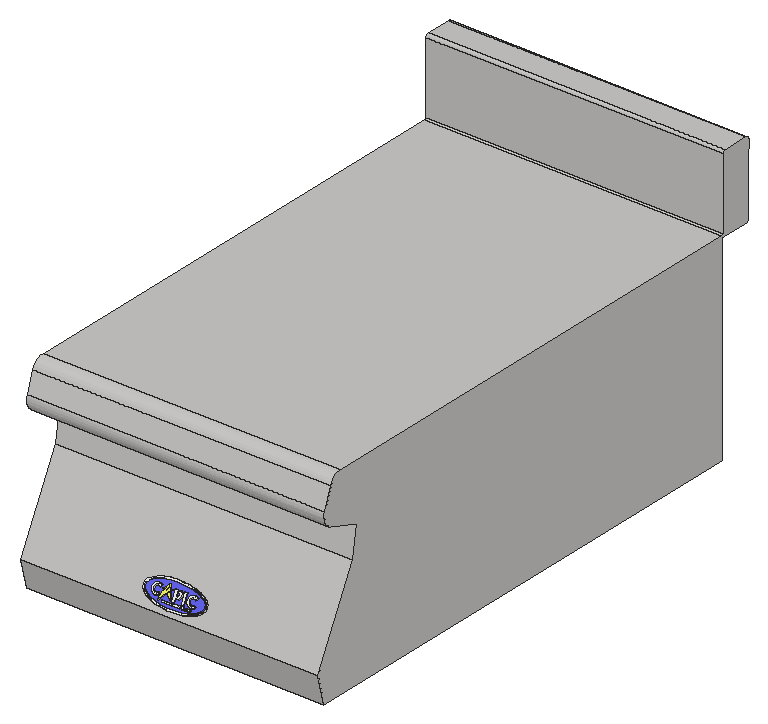
Revit family "QF_CAPIC_AVEN_W540604", category Equipement spécialisé, Revit 2018
Family settings
  Cote de connecteur circulaire = Utiliser le diamètre
  Type d'élément = Normal
  Numéro OmniClass = 23.40.40.14
  Titre OmniClass = Food Service Equipment
  Basée sur le plan de construction = Non
  Toujours verticalement = Oui
  Couper avec des vides une fois chargée = Non
  Partagée = Non
  Point de calcul de pièce = Non
Parameters (values of type "400 x 725 x 270 mm")
  URL catalogue = "http://www.capic-fr.com/fr/"
  Type de Raccord Plomberie [instance] = ""
  Type de Raccord Electrique [instance] = ""
  Type de Gaz = ""
  Type article [instance] = ""
  Tension = 0 V
  Spécification du Fabricant = ""
  Show Logo = yes
  Remarques evacuation [instance] = ""
  Remarques Plomberie [instance] = ""
  Remarques Electricité [instance] = ""
  Puissance électrique  = 0 W
  Puissance Gaz kW = 0
  Profondeur hors tout = 725 mm
  Pression Maximum Eau Adoucie = 0.0 Pa
  Poids net à vide = 15.00 kg
  Phase = 0
  Modèle = "W540604"
  Longueur hors tout = 400 mm
  Intensité nominale = 0 A
  Hauteur hors tout = 390 mm
  Hauteur de Raccordement du Sol Finis = 0 mm
  Hauteur de Raccordement Gaz du Sol Finis = 0 mm
  Hauteur de Raccordement Evacuation Directe du Sol Finis = 0 mm
  Hauteur de Raccordement Eau Froide du Sol Finis = 0 mm
  Hauteur de Raccordement Eau Chaude du Sol Finis = 0 mm
  Hauteur de Raccordement Eau Adoucie du Sol Finis = 0 mm
  Fréquence = 0 Hz
  Fabricant = "CAPIC"
  Débit d'air d'extraction = 0.0 m³/h
  Débit Gaz = 0.0 L/s
  Débit Eau Froide = 0.0 L/s
  Débit Eau Chaude = 0.0 L/s
  Débit Eau Adoucie = 0.0 L/s
  Diamètre de Raccordement Gaz = 0 mm
  Diamètre de Raccordement Evacuation = 0 mm
  Diamètre de Raccordement Eau Froide = 0 mm
  Diamètre de Raccordement Eau Chaude = 0 mm
  Diamètre de Raccordement Eau Adoucie = 0 mm
  Description = "Plan neutre dessus seul"
  Assembly Code = ""
  Classification  Omniclass nombre et titre = "23.40.40.14"
Reference planes
  plane 1 "Centre (avant/arrière)": y = 0
  plane 2: z = 0
  plane 3 "Centre (gauche/droite)": x = 0
  plane 4: x = 400
Forms (mm)
  Extrusion 1, solid, material "QF_Stainless Steel-Brushed"
    sketch origin (0, -45.05, 638) x (0, 1, 0) y (0, 0, 1)
      loop
        line (1.05, 270.397) -> (-641.347, 270.397)
        arc (-641.347, 270.397) -> (-651.671, 267.142) -> (-658.261, 258.553) r 18
        line (-658.261, 258.553) -> (-667.837, 232.245)
        arc (-667.837, 232.245) -> (-667.236, 218.482) -> (-657.078, 209.174) r 18
        line (-657.078, 209.174) -> (-613.251, 193.222) -> (-619.754, 152.161) -> (-680.074, 38.717) -> (-668.972, 0) -> (0, 0) -> (0, 268.397) -> (42.05, 268.397) -> (44.05, 270.397) -> (44.05, 356.397) -> (45.05, 356.397) -> (45.05, 368.397)
        arc (45.05, 368.397) -> (43.878, 371.225) -> (41.05, 372.397) r 4
        line (41.05, 372.397) -> (7.05, 372.397)
        arc (7.05, 372.397) -> (4.222, 371.225) -> (3.05, 368.397) r 4
        line (3.05, 368.397) -> (3.05, 272.397)
        arc (3.05, 272.397) -> (2.464, 270.983) -> (1.05, 270.397) r 2
    from 0 to 400
Dimensions and locks
  "Longueur hors tout": plane 3 "Centre (gauche/droite)" to plane 4
  aligned and locked: level to plane 2
  aligned and locked: plane 4 to Extrusion 1
  aligned and locked: Extrusion 1 to plane 3 "Centre (gauche/droite)"
Automatic sketch dimensions
  level to Extrusion 1 sketch curve = 638 mm
  plane 1 "Centre (avant/arrière)" to Extrusion 1 sketch curve = 45.05 mm
  level to Extrusion 1 sketch curve = 831.222 mm
  plane 1 "Centre (avant/arrière)" to Extrusion 1 sketch curve = 658.301 mm
  level to Extrusion 1 sketch curve = 790.161 mm
  Extrusion 1 sketch curve to Extrusion 1 sketch curve = 6.503 mm
  Extrusion 1 sketch curve to Extrusion 1 sketch curve = 28.096 mm
  Extrusion 1 sketch curve to Extrusion 1 sketch curve = 9.575 mm
  level to Extrusion 1 sketch curve = 847.174 mm
  Extrusion 1 sketch curve to Extrusion 1 sketch curve = 6.156 mm  (x2)
  level to Extrusion 1 sketch curve = 896.553 mm
  Extrusion 1 sketch curve to Extrusion 1 sketch curve = 16.914 mm  (x2)
  level to Extrusion 1 sketch curve = 870.245 mm
  Extrusion 1 sketch curve to Extrusion 1 sketch curve = 49.218 mm
  level to Extrusion 1 sketch curve = 676.717 mm
  Extrusion 1 sketch curve to Extrusion 1 sketch curve = 11.102 mm
  plane 1 "Centre (avant/arrière)" to Extrusion 1 sketch curve = 44 mm
  plane 1 "Centre (avant/arrière)" to Extrusion 1 sketch curve = 42 mm
  Extrusion 1 sketch curve to Extrusion 1 sketch curve = 4 mm  (x2)
  Extrusion 1 sketch curve to Extrusion 1 sketch curve = 34 mm
  Extrusion 1 sketch curve to Extrusion 1 sketch curve = 39 mm
  Extrusion 1 sketch curve to Extrusion 1 sketch curve = 3 mm
  Extrusion 1 sketch curve to Extrusion 1 sketch curve = 1 mm
  Extrusion 1 sketch curve to Extrusion 1 sketch curve = 2 mm
  Extrusion 1 sketch curve to Extrusion 1 sketch curve = 86 mm
  Extrusion 1 sketch curve to Extrusion 1 sketch curve = 12 mm
Nested families
  nested 1: "QF_Details_LogoCapic" at (200, -713.73, 698.145) x (1, 0, 0) z (0, -0.8829, 0.4695), visible <- "Show Logo", type "QF_Details_LogoCapic"
Definition of nested family "QF_Details_LogoCapic"
  Parameters (values of type "QF_Details_LogoCapic")
    Default Elevation = 1219.2 mm
  Reference planes
    plane 1 "Centre (avant/arrière)": y = 0
    plane 2: z = 0
    plane 3 "Centre (gauche/droite)": x = 0
  Forms (mm)
    Extrusion 1, solid
      sketch origin (0, 0, 0) x (1, 0, 0) y (0, 1, 0)
        loop
          line (-1219.2, 1219.2) -> (-1219.2, -1219.2) -> (1219.2, -1219.2) -> (1219.2, 1219.2) -> (-1219.2, 1219.2)
      from 0 to -304.8
    Extrusion 2, solid
      sketch origin (0, 0, 0) x (1, 0, 0) y (0, 1, 0)
        loop
          spline (42.486, 0) -> (41.038, 4.53) -> (36.793, 8.751) -> (30.041, 12.376) -> (21.24, 15.157) -> (10.992, 16.906) -> (-0.005, 17.502) -> (-11.003, 16.906) -> (-21.251, 15.157) -> (-30.051, 12.376) -> (-36.804, 8.751) -> (-41.048, 4.53) -> (-42.496, 0)
          spline (-42.496, 0) -> (-41.048, -4.53) -> (-36.804, -8.751) -> (-30.051, -12.376) -> (-21.251, -15.157) -> (-11.003, -16.906) -> (-0.005, -17.502) -> (10.992, -16.906) -> (21.24, -15.157) -> (30.041, -12.376) -> (36.793, -8.751) -> (41.038, -4.53) -> (42.486, 0)
        loop
          spline (40.459, 0) -> (39.08, 4.005) -> (35.038, 7.737) -> (28.607, 10.942) -> (20.227, 13.401) -> (10.468, 14.947) -> (-0.005, 15.474) -> (-10.478, 14.947) -> (-20.237, 13.401) -> (-28.618, 10.942) -> (-35.048, 7.737) -> (-39.091, 4.005) -> (-40.47, 0)
          spline (-40.47, 0) -> (-39.091, -4.005) -> (-35.048, -7.737) -> (-28.618, -10.942) -> (-20.237, -13.401) -> (-10.478, -14.947) -> (-0.005, -15.474) -> (10.468, -14.947) -> (20.227, -13.401) -> (28.607, -10.942) -> (35.038, -7.737) -> (39.08, -4.005) -> (40.459, 0)
      from 0 to 1
    Extrusion 3, solid
      sketch origin (0, 0, 0) x (1, 0, 0) y (0, 1, 0)
        loop
          spline (-40.47, 0) -> (-39.085, -4.012) -> (-35.047, -7.734) -> (-28.617, -10.941) -> (-20.237, -13.401) -> (-10.478, -14.946) -> (-0.005, -15.474) -> (10.468, -14.947) -> (20.227, -13.401) -> (28.606, -10.942) -> (35.038, -7.737) -> (39.081, -4.004) -> (40.459, 0)
          spline (40.459, 0) -> (39.075, 4.012) -> (35.037, 7.734) -> (28.607, 10.941) -> (20.227, 13.401) -> (10.467, 14.946) -> (-0.005, 15.474) -> (-10.478, 14.947) -> (-20.237, 13.401) -> (-28.617, 10.942) -> (-35.048, 7.737) -> (-39.091, 4.004) -> (-40.47, 0)
      from 0 to 1
    Extrusion 4, solid
      sketch origin (0, 0, 0.5) x (1, 0, 0) y (0, 1, 0)
        loop
          line (-20.944, 3.897) -> (-18.992, 5.849)
          arc (-18.992, 5.849) -> (-30.967, 0.712) -> (-18.902, -4.211) r 7.063
          line (-18.902, -4.211) -> (-20.854, -2.259)
          arc (-20.854, -2.259) -> (-28.207, 0.712) -> (-20.944, 3.897) r 4.303
      from 0 to 1
    Extrusion 5, solid
      sketch origin (0, 0, 0.5) x (1, 0, 0) y (0, 1, 0)
        loop
          line (-1.061, 7.837) -> (-1.061, -6.288) -> (1.738, -6.288) -> (1.738, -2.065) -> (4.782, -2.065)
          spline (4.782, -2.065) -> (5.836, -1.896) -> (6.819, -1.402) -> (7.663, -0.615) -> (8.311, 0.411) -> (8.718, 1.605) -> (8.856, 2.886) -> (8.718, 4.168) -> (8.311, 5.362) -> (7.663, 6.387) -> (6.819, 7.174) -> (5.836, 7.669) -> (4.782, 7.837)
          line (4.782, 7.837) -> (-1.061, 7.837)
        loop
          line (1.738, 5.077) -> (1.738, 0.775) -> (4.418, 0.775)
          spline (4.418, 0.775) -> (4.819, 0.848) -> (5.193, 1.063) -> (5.514, 1.405) -> (5.761, 1.85) -> (5.916, 2.369) -> (5.969, 2.926) -> (5.916, 3.483) -> (5.761, 4.002) -> (5.514, 4.447) -> (5.193, 4.789) -> (4.819, 5.004) -> (4.418, 5.077)
          line (4.418, 5.077) -> (1.738, 5.077)
      from 0 to 1
    Extrusion 6, solid
      sketch origin (0, 0, 0.5) x (1, 0, 0) y (0, 1, 0)
        loop
          line (11.122, 7.837) -> (11.122, -6.288) -> (14.009, -6.288) -> (14.009, 7.837) -> (11.122, 7.837)
      from 0 to 1
    Extrusion 7, solid
      sketch origin (47.835, 0, 0.5) x (1, 0, 0) y (0, 1, 0)
        loop
          line (-20.944, 3.897) -> (-18.992, 5.849)
          arc (-18.992, 5.849) -> (-30.967, 0.712) -> (-18.902, -4.211) r 7.063
          line (-18.902, -4.211) -> (-20.854, -2.259)
          arc (-20.854, -2.259) -> (-28.207, 0.712) -> (-20.944, 3.897) r 4.303
      from 0 to 1
    Extrusion 8, solid
      sketch origin (0, 0, 0.5) x (1, 0, 0) y (0, 1, 0)
        loop
          line (-14.086, -8.467) -> (-14.086, -10.703) -> (-0.382, -10.703) -> (-0.382, -8.467) -> (-14.086, -8.467)
        loop
          line (1.692, -7.694) -> (1.692, -10.703) -> (10.598, -10.703) -> (10.598, -7.694) -> (1.692, -7.694)
        loop
          circle (14.095, -9.117) r 1.311
        loop
          circle (18.365, -9.117) r 1.311
        loop
          circle (22.635, -9.117) r 1.311
      from 0 to 1
    Extrusion 9, solid
      sketch origin (0, 0, 0.5) x (1, 0, 0) y (0, 1, 0)
        loop
          arc (-10.078, 10.027) -> (-16.152, 0.742) -> (-18.987, -9.985) r 34.734
          arc (-18.987, -9.985) -> (-13.545, -2.96) -> (-7.054, 3.109) r 55.667
          line (-7.054, 3.109) -> (-10.078, 10.027)
        loop
          line (-10.891, 5.813) -> (-12.476, 3.068) -> (-9.306, 3.068) -> (-10.891, 5.813)
      from 0 to 1
    Extrusion 10, solid
      sketch origin (0, 0, 0.5) x (1, 0, 0) y (0, 1, 0)
        loop
          line (-17.978, 3.413) -> (-16.228, 2.092) -> (-14.209, 5.589) -> (-17.978, 3.413)
        loop
          line (-7.246, 5.196) -> (-6.474, 3.433) -> (-3.608, 5.838) -> (-7.246, 5.196)
        loop
          line (-10.905, -1.415) -> (-2.534, -6.652) -> (-6.862, 2.629) -> (-10.905, -1.415)
      from 0 to 1
  Dimensions and locks
    aligned and locked: plane 2 to Extrusion 1
    aligned and locked: level to Extrusion 1
